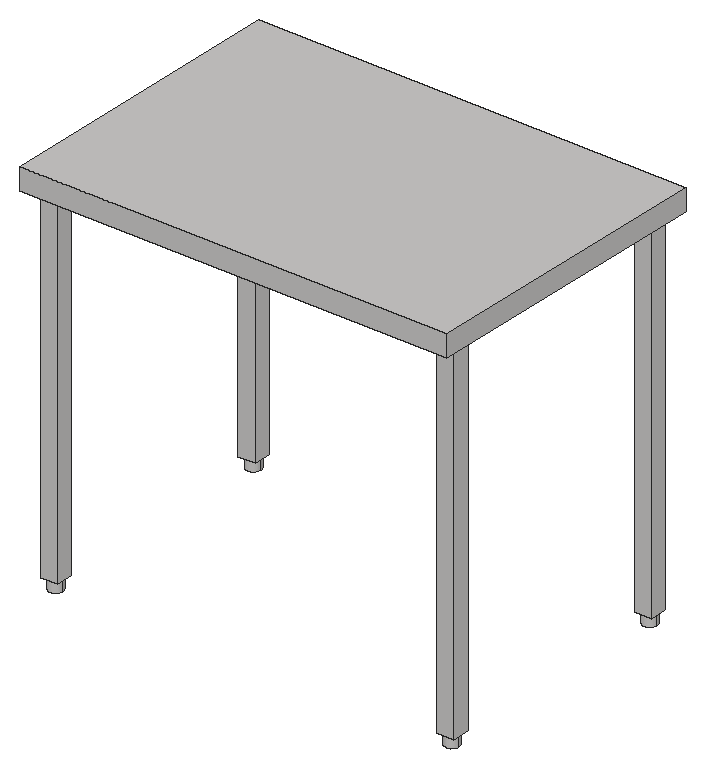
Revit family "QF_ZANUSSI_132839_WTD1007N", category Attrezzature speciali, Revit 2020
Family settings
  Quota connettore circolare = Usa diametro
  Tipo di parte = Normale
  Basato su piano di lavoro = No
  Sempre verticale = Sì
  Taglio con vuoti quando caricato = No
  Condiviso = No
  Punto di calcolo locali = No
Parameters (values of type "Standard")
  Weight = 37.00 kg
  Watts = 0 W
  Volts = 0 V
  URL Manufacturer = "http://www.zanussiprofessional.com"
  URL = "http://www.zanussiprofessional.com"
  Steam Supply Size = 0 mm
  Steam Supply Minimum Pressure = 0.0 Pa
  Steam Supply Maximum Pressure = 0.0 Pa
  Steam Consumption per Hour = 0
  Refrigeration Suction Line Size = 0.0 mm
  Refrigeration Liquid Line Size = 0.0 mm
  Refrigerant Compressor Remote = yes
  Prospetto di default = 0.0 mm
  Produttore = "Zanussi"
  Phase = 0
  Modello = "WTD1007N"
  Length Actual = 1000.0 mm  # constant formula
  Item Number = "132839"
  Hot Water Size = 0 mm
  Height Actual = 900.0 mm  # constant formula
  HP = "0 HP"
  Gas Size = 0 mm
  Gas KW = 0
  Gas Input Pressure = 0 W
  Direct Waste Size = 0 mm
  Descrizione = "WORK TABLE-DISASSEMBLED 1000MM"
  Depth Actual = 700.0 mm  # constant formula
  Cycle = 0 Hz
  Condensate Return Size = 0 mm
  Compressed Air Volume = 0.0 L/s
  Compressed Air Size = 0 mm
  Compressed Air Pressure = 0.0 Pa
  Cold Water Size = 0 mm
  Accessory = yes
Reference planes
  plane 1 "Center (Front/Back)": y = 0
  plane 2: z = 0
  plane 3 "Center (Left/Right)": x = 0
  plane 4 "LEFT": x = -500
  plane 5 "RIGHT": x = 500
  plane 6 "BACK": y = 350
  plane 7 "FRONT": y = -350
  plane 8 "Base": z = 850
  plane 9 "TOP": z = 900
  plane 10: x = -464.5
  plane 11: x = 464.5
  plane 12: y = 290
  plane 13: y = -290
Forms (mm)
  Extrusion 1, solid, material "QF_Finishes_Stainless Steel"
    sketch origin (0, 0, 0) x (0, 1, 0) y (0, 0, 1)
      loop
        line (-350, 850) -> (350, 850) -> (350, 900) -> (-350, 900) -> (-350, 850)
    from 500 to -500
Lines and regions (mm)
  symbolic lines
    curve 1: line (500, 350, 900) -> (-500, 350, 900)
    curve 2: line (-500, 350, 900) -> (-500, -350, 900)
    curve 3: line (-500, -350, 900) -> (500, -350, 900)
    curve 4: line (500, -350, 900) -> (500, 350, 900)
Dimensions and locks
  plane 4 "LEFT" to plane 5 "RIGHT" = 1000.0 mm
  equal spacing: plane 4 "LEFT", plane 3 "Center (Left/Right)", plane 5 "RIGHT"
  locked: plane 8 "Base" to level at 850
  plane 4 "LEFT" to plane 10 = 35.5 mm
  plane 11 to plane 5 "RIGHT" = 35.5 mm
  plane 10 to plane 11 = 929.0 mm
  locked: plane 9 "TOP" to level at 900
  plane 6 "BACK" to plane 12 = 60.0 mm
  plane 13 to plane 7 "FRONT" = 60.0 mm
  plane 6 "BACK" to plane 7 "FRONT" = 700.0 mm
  plane 12 to plane 13 = 580.0 mm
  equal spacing: plane 6 "BACK", plane 1 "Center (Front/Back)", plane 7 "FRONT"
  aligned and locked: level to plane 2
  aligned and locked: plane 10 to nested 1
  aligned and locked: nested 1 to plane 13
  aligned and locked: plane 11 to nested 2
  aligned and locked: nested 2 to plane 13
  aligned and locked: plane 11 to nested 4
  aligned and locked: nested 4 to plane 12
  aligned and locked: plane 10 to nested 3
  aligned and locked: nested 3 to plane 12
  aligned and locked: Extrusion 1 to plane 4 "LEFT"
  aligned and locked: plane 5 "RIGHT" to Extrusion 1
  aligned and locked: curve 2 to plane 4 "LEFT"
Automatic sketch dimensions
  Extrusion 1 sketch curve to plane 7 "FRONT" = 0.0 mm
  Extrusion 1 sketch curve to plane 8 "Base" = 0.0 mm
  curve 3 to plane 7 "FRONT" = 0.0 mm
  curve 4 to plane 6 "BACK" = 0.0 mm
  Extrusion 1 sketch curve to plane 9 "TOP" = 0.0 mm
  Extrusion 1 sketch curve to plane 6 "BACK" = 0.0 mm
  curve 4 to plane 5 "RIGHT" = 0.0 mm
Nested families
  nested 1: "FEET_40x40" at (-464.5, -290, 0), type "FEET_40x40"
  nested 2: "FEET_40x40" at (464.5, -290, 0), type "FEET_40x40"
  nested 3: "FEET_40x40" at (-464.5, 290, 0), type "FEET_40x40"
  nested 4: "FEET_40x40" at (464.5, 290, 0), type "FEET_40x40"
Definition of nested family "FEET_40x40"
  Parameters
    Default Elevation = 0.0 mm
    FEET = 850.0 mm
  Reference planes
    plane 1 "Center (Front/Back)": y = 0
    plane 2: z = 0
    plane 3 "Center (Left/Right)": x = 0
    plane 4: z = 850
  Forms (mm)
    Extrusion 1, solid
      sketch origin (0, 0, 0) x (1, 0, 0) y (0, 1, 0)
        loop
          line (-20, -20) -> (20, -20) -> (20, 20) -> (-20, 20) -> (-20, -20)
      from 25 to 845
    Extrusion 2, solid
      sketch origin (0, 0, 0) x (1, 0, 0) y (0, 1, 0)
        loop
          circle (0, 0) r 16
      from 0 to 25
    Extrusion 3, solid
      sketch origin (0, 0, 0) x (1, 0, 0) y (0, 1, 0)
        loop
          line (30, 30) -> (-30, 30) -> (-30, -30) -> (30, -30) -> (30, 30)
      from 845 to 850
  Lines and regions (mm)
    symbolic lines
      curve 1: line (0, -1.503, 0) -> (0, 1.508, 0)
      curve 2: line (1.561, 0, 0) -> (-1.439, 0, 0)
  Dimensions and locks
    "FEET": plane 4 to plane 2
    aligned and locked: level to plane 2
  Automatic sketch dimensions
    Extrusion 1 sketch curve to plane 3 "Center (Left/Right)" = 20.0 mm
    plane 3 "Center (Left/Right)" to Extrusion 1 sketch curve = 20.0 mm
    plane 1 "Center (Front/Back)" to Extrusion 1 sketch curve = 20.0 mm
    Extrusion 1 sketch curve to plane 1 "Center (Front/Back)" = 20.0 mm
    plane 1 "Center (Front/Back)" to Extrusion 2 sketch curve = 0.0 mm
    Extrusion 2 sketch curve to plane 3 "Center (Left/Right)" = 0.0 mm
    plane 3 "Center (Left/Right)" to Extrusion 3 sketch curve = 30.0 mm
    Extrusion 3 sketch curve to plane 1 "Center (Front/Back)" = 30.0 mm
    Extrusion 3 sketch curve to plane 3 "Center (Left/Right)" = 30.0 mm
    plane 1 "Center (Front/Back)" to Extrusion 3 sketch curve = 30.0 mm
    plane 1 "Center (Front/Back)" to curve 2 = 0.0 mm
    curve 1 to plane 3 "Center (Left/Right)" = 0.0 mm
    curve 2 to plane 3 "Center (Left/Right)" = 1.439 mm
    plane 3 "Center (Left/Right)" to curve 2 = 1.561 mm
    plane 1 "Center (Front/Back)" to curve 1 = 1.503 mm
    curve 1 to plane 1 "Center (Front/Back)" = 1.508 mm
    radius of Extrusion 2 sketch curve = 16.0 mm
